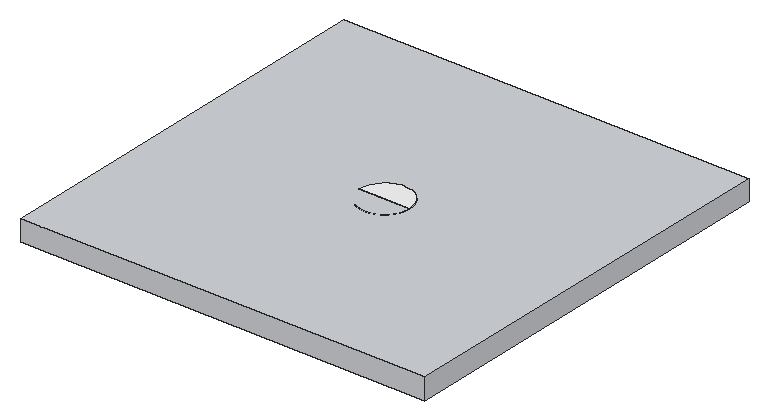
Revit family
Parameters (values of type "2"")
  WFU = 0
  URL = "WWW.MIFAB.COM"
  Top Assembly Radius = 6.000"
  Top Assembly Diameter = Top Assembly Radius * 2  # 12.000"
  Strainer Adjustment [instance] = 2.250"
  Pipe Radius = 1.000"
  Pipe Diameter = Pipe Radius * 2  # 2.000"
  Model = "F1340"
  Manufacturer = "MIFAB"
  Floor Drain Material = Paint - Sherwin Williams Paint - #952C2A - Bellwood Red
  Description = "AREA DRAIN WITH 12\" ROUND ADJUSTABLE HEAVY DUTY TRACTOR GRATE"
  Default Elevation = 0.000"
  Body Height = 6.125"
  Assembly Code = ""
Types (7): name | Pipe Radius | Pipe Diameter | Body Height
  (no name) | 1.000" | 2.000" | 6.125"
  2" | 1.000" | 2.000" | 6.125"
  3" | 1.500" | 3.000" | 6.125"
  4" | 2.000" | 4.000" | 6.125"
  5" | 2.500" | 5.000" | 6.125"
  6" | 3.000" | 6.000" | 8.000"
  8" | 4.000" | 8.000" | 8.000"
Reference planes (in)
  plane 1 "Center (Front/Back)": y = 0
  plane 2: z = 0
  plane 3 "Center (Left/Right)": x = 0
  plane 4: x = -6
  plane 5: x = 6
  plane 6: z = -2
  plane 7: z = -8.375
  plane 8: x = 1
  plane 9: x = -1
  plane 10: z = -6.875
  plane 11: z = -2.25
Forms (in)
  Extrusion 1, solid
    sketch origin (0, 0, 0) x (1, 0, 0) y (0, 1, 0)
      loop
        line (-48, 48) -> (-48, -48) -> (48, -48) -> (48, 48) -> (-48, 48)
    from 0 to -4.95974
  Revolve 2, solid, material "Paint - Sherwin Williams Paint - #952C2A - Bellwood Red" <- "Floor Drain Material"
    sketch origin (0, 0, 0) x (1, 0, 0) y (0, 0, 1)
      loop
        line (-6, 0) -> (-6, -1.375) -> (-4.72572, -1.375) -> (-4.4375, -1.71875) -> (-4.4375, -2) -> (-3.75, -2) -> (-3.75, -2.5) -> (-3.5, -2.5) -> (-3.5, -1.75) -> (-4.1875, -1.75) -> (-4.1875, -1.58348) -> (-4.70263, -1.125) -> (-5.375, -1.125) -> (-5.375, -0.275) -> (0, -0.275) -> (0, 0) -> (-6, 0)
      axis (0, 0) -> (0, -2.5)
    angle from 0 to 360
  Revolve 3, solid, material "Paint - Sherwin Williams Paint - #952C2A - Bellwood Red" <- "Floor Drain Material"
    sketch origin (0, 0, 0) x (1, 0, 0) y (0, 0, 1)
      loop
        line (3.75, -2.25) -> (3.75, -2.5) -> (4.21721, -2.5) -> (4.07744, -6.718) -> (1, -6.718) -> (1, -8.375) -> (1.15, -8.375) -> (1.15, -6.875) -> (4.23081, -6.875) -> (4.37426, -2.5) -> (6.5, -2.5) -> (6.5, -2.25) -> (3.75, -2.25)
      axis (0, -8.375) -> (0, -2.25)
    angle from 0 to 360
Lines and regions (in)
  symbolic lines
    curve 1: circle (0, 0, 0) r 6.5 normal (0, 0, 1)
Dimensions and locks (in)
  plane 4 to plane 5 = 12.000"
  "Strainer Adjustment": Extrusion 1 to plane 11
  "Body Height": plane 11 to plane 7
  equal spacing: plane 5, plane 3 "Center (Left/Right)", plane 4
  plane 5 to plane 4 = 12.000"
  equal spacing: plane 9, plane 3 "Center (Left/Right)", plane 8
  "Pipe Radius": plane 8 to plane 3 "Center (Left/Right)"
  locked: plane 10 to plane 7 at 1.5
  "Top Assembly Radius": plane 5 to plane 3 "Center (Left/Right)"
  locked: plane 6 to plane 11 at 0.25
  Revolve 3 sketch curve to Revolve 3 sketch curve = 0.150"
  Revolve 2 sketch curve to Revolve 2 sketch curve to plane 11 to Revolve 2 sketch curve = 0.250", 0.250", 0.250"
  Extrusion 1 to Revolve 2 sketch curve to Revolve 2 sketch curve = 1.125", 0.250"
  Revolve 3 sketch curve to Revolve 3 sketch curve to Revolve 3 sketch curve to plane 3 "Center (Left/Right)" = 2.12574" locked, 0.15704" locked, 4.21721"
  Revolve 3 sketch curve to Revolve 3 sketch curve to plane 3 "Center (Left/Right)" = 0.15337", 4.07744"
  Extrusion 1 to Revolve 2 sketch curve = 0.275"
  Revolve 2 sketch curve to Revolve 2 sketch curve to Revolve 2 sketch curve to Revolve 2 sketch curve to Revolve 2 sketch curve to Revolve 2 sketch curve to Revolve 2 sketch curve to plane 4 = 0.250", 0.4375", 0.250", 0.26513", 0.02309", 0.64928", 0.625"
  aligned and locked: plane 2 to Extrusion 1
  aligned and locked: level to Extrusion 1
  aligned and locked: Revolve 2 sketch curve to plane 4
  aligned and locked: Extrusion 1 to Revolve 2 sketch curve
  aligned and locked: Revolve 3 sketch curve to plane 7
  aligned and locked: plane 3 "Center (Left/Right)" to Revolve 3 sketch curve
  aligned and locked: Revolve 3 sketch curve to Revolve 3 sketch curve
  aligned and locked: Revolve 3 sketch curve to plane 10
  aligned and locked: plane 8 to Revolve 3 sketch curve
  aligned and locked: Revolve 3 sketch curve to plane 11
  aligned and locked: plane 3 "Center (Left/Right)" to Revolve 2 sketch curve
  aligned and locked: Revolve 2 to Revolve 3 sketch curve
Automatic sketch dimensions
  Extrusion 1 sketch curve to Extrusion 1 sketch curve = 96.000"  (x2)
  plane 10 to Revolve 3 sketch curve = 0.157"
  Revolve 3 sketch curve to plane 11 = 0.250"
  level to Revolve 3 sketch curve = 1.000"
  Revolve 3 sketch curve to Revolve 3 sketch curve = 1.750"
  Revolve 2 sketch curve to plane 11 = 1.750"
  Revolve 2 sketch curve to Revolve 2 sketch curve = 0.03125"
  Revolve 2 sketch curve to Revolve 2 sketch curve = 0.16652"
  Revolve 2 sketch curve to Revolve 2 sketch curve = 1.750"
  Revolve 2 sketch curve to plane 3 "Center (Left/Right)" = 0.000"
  plane 1 "Center (Front/Back)" to curve 1 = 0.000"
  curve 1 to plane 3 "Center (Left/Right)" = 0.000"
  radius of curve 1 = 6.500"
Connectors (in)
  piping at (0, 0, -8.375), driven by "Pipe Radius", driven by "WFU"
    settings: on Revolve 3, index 1, connector radius 1", flow factor 0, pipe flow 0 GPM, pressure drop 0.00 psi, fitting loss kfactor 0, connector angle 0.00°, fixture units 0, flow configuration 3, flow direction 2, fitting loss method 0, system type 16, connector reference index -1, connector utility 0, adjustable connector no, is connector primary yes, fitting loss table "", connector description "Sanitary Out"
